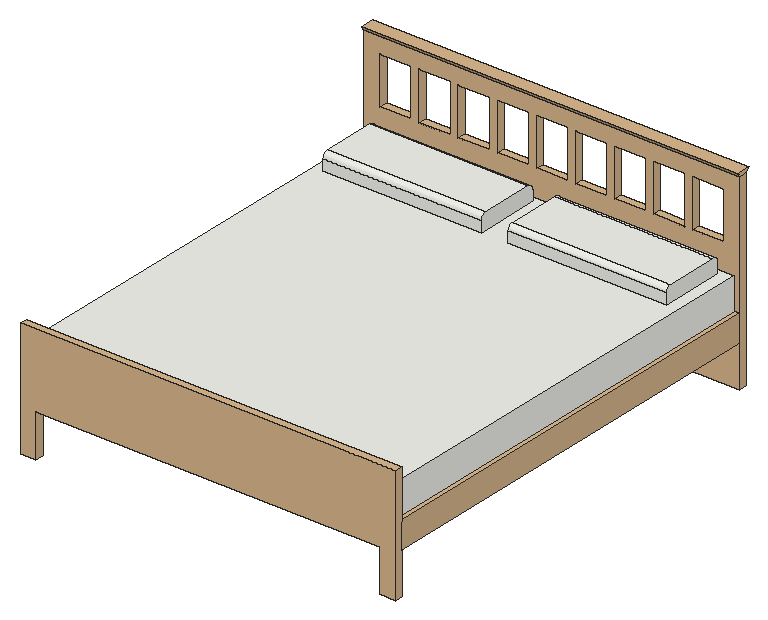
Revit family "Bed_King", category Furniture, Revit 2021
Family settings
  Work Plane-Based = No
  Always vertical = Yes
  Cut with Voids When Loaded = No
  Shared = No
  Room Calculation Point = No
Parameters (values of type "1981 x 2108 mm - King")
  Frame = Wood - Birch
  Length = 2100.00 mm
  Mattress = Textile - White
  Width = 1800.00 mm
  Default Elevation = 0.00 mm
Types (3, lengths in mm): name | Width
  1981 x 2108 mm - King | 1800.00
  1981 x 2108 mm - King 3 | 1200.00
  1981 x 2108 mm - King 2 | 1600.00
Reference planes
  plane 1 "Back": y = 0
  plane 2: z = 0
  plane 3 "Center L/R": x = -19.05
  plane 4: x = -919.05
  plane 5: x = 880.95
  plane 6 "Front": y = -2100
  plane 7: z = 914.4
  plane 8: z = 482.6
  plane 9: x = 842.85
Forms (mm)
  Extrusion 1, solid, material "Wood - Birch" <- "Frame"
    sketch origin (0, 0, 0) x (1, 0, 0) y (0, 0, 1)
      loop
        line (-918.837, 914.4) -> (-918.837, 0) -> (-842.85, 0) -> (-842.85, 203.2) -> (-75.663, 203.2) -> (-75.663, 0) -> (881.217, 0) -> (881.217, 914.4) -> (-918.837, 914.4)
      loop
        line (-842.85, 838.2) -> (-842.85, 609.6) -> (-693.65, 609.6) -> (-693.65, 838.2) -> (-842.85, 838.2)
      loop
        line (-655.55, 838.2) -> (-655.55, 609.6) -> (-506.35, 609.6) -> (-506.35, 838.2) -> (-655.55, 838.2)
      loop
        line (-468.25, 838.2) -> (-468.25, 609.6) -> (-319.05, 609.6) -> (-319.05, 838.2) -> (-468.25, 838.2)
      loop
        line (-280.95, 838.2) -> (-280.95, 609.6) -> (-131.75, 609.6) -> (-131.75, 838.2) -> (-280.95, 838.2)
      loop
        line (93.65, 838.2) -> (93.65, 609.6) -> (242.85, 609.6) -> (242.85, 838.2) -> (93.65, 838.2)
      loop
        line (280.95, 838.2) -> (280.95, 609.6) -> (430.15, 609.6) -> (430.15, 838.2) -> (280.95, 838.2)
      loop
        line (468.25, 838.2) -> (468.25, 609.6) -> (617.45, 609.6) -> (617.45, 838.2) -> (468.25, 838.2)
      loop
        line (655.55, 838.2) -> (655.55, 609.6) -> (804.75, 609.6) -> (804.75, 838.2) -> (655.55, 838.2)
      loop
        line (-93.65, 838.2) -> (-93.65, 609.6) -> (55.55, 609.6) -> (55.55, 838.2) -> (-93.65, 838.2)
    from 0 to 38.1
  Extrusion 2, solid, material "Wood - Birch" <- "Frame"
    sketch origin (0, -2100, 0) x (1, 0, 0) y (0, 0, 1)
      loop
        line (-919.05, 0) -> (-842.85, 0) -> (-842.85, 203.2) -> (804.75, 203.2) -> (804.75, 0) -> (880.95, 0) -> (880.95, 558.8) -> (-919.05, 558.8) -> (-919.05, 0)
    from 0 to -38.1
  Extrusion 3, solid, material "Wood - Birch" <- "Frame"
    sketch origin (0, 0, 0) x (0, -1, 0) y (0, 0, 1)
      loop
        line (38.1, 203.576) -> (2061.9, 203.576) -> (2061.9, 330.576) -> (38.1, 330.576) -> (38.1, 203.576)
    from 893.65 to 919.05
  Extrusion 4, solid, material "Wood - Birch" <- "Frame"
    sketch origin (880.95, 0, 0) x (0, -1, 0) y (0, 0, 1)
      loop
        line (2061.9, 203.099) -> (2061.9, 330.099) -> (38.1, 330.099) -> (38.1, 203.099) -> (2061.9, 203.099)
    from 0 to 25.4
  Extrusion 5, solid, material "Textile - White" <- "Mattress"
    sketch origin (0, 0, 0) x (1, 0, 0) y (0, 1, 0)
      loop
        line (-893.65, -38.1) -> (-893.65, -2061.9) -> (855.55, -2061.9) -> (855.55, -38.1) -> (-893.65, -38.1)
    from 228.6 to 482.6
  Sweep 6, solid, material "Wood - Birch" <- "Frame"
    path origin (0, 0, 0) x (1, 0, 0) y (0, 1, 0)
      loop
        line (-918.837, 0) -> (881.217, 0)
    profile origin (-18.81, 0, 0) x (0, 1, 0) y (0, 0, 1)
      loop
        line (0, 914.4) -> (13.855, 933.45) -> (-51.955, 933.45) -> (-38.1, 914.4) -> (0, 914.4)
  Extrusion 7, solid, material "Textile - White" <- "Mattress"
    sketch origin (-919.05, -5.751, 4.2) x (0, -1, 0) y (0, 0, 1)
      loop
        line (68.449, 482.6) -> (373.249, 482.6) -> (373.249, 533.4)
        arc (373.249, 533.4) -> (365.809, 551.361) -> (347.849, 558.8) r 25.4
        line (347.849, 558.8) -> (93.849, 558.8)
        arc (93.849, 558.8) -> (75.888, 551.361) -> (68.449, 533.4) r 25.4
        line (68.449, 533.4) -> (68.449, 482.6)
    from -834.92 to -76.2
  Extrusion 8, solid, material "Textile - White" <- "Mattress"
    sketch origin (-32.037, -5.751, 4.2) x (0, -1, 0) y (0, 0, 1)
      loop
        line (68.449, 482.6) -> (373.249, 482.6) -> (373.249, 533.4)
        arc (373.249, 533.4) -> (365.809, 551.361) -> (347.849, 558.8) r 25.4
        line (347.849, 558.8) -> (93.849, 558.8)
        arc (93.849, 558.8) -> (75.888, 551.361) -> (68.449, 533.4) r 25.4
        line (68.449, 533.4) -> (68.449, 482.6)
    from -834.92 to -76.2
Lines and regions (mm)
  symbolic lines
    curve 1: line (880.95, -2100, 0) -> (-918.837, -2100, 0)
    curve 2: line (880.95, 0, 0) -> (880.95, -2100, 0)
    curve 3: line (-918.837, 0, 0) -> (880.95, 0, 0)
    curve 4: line (-918.837, -2100, 0) -> (-918.837, 0, 0)
    curve 5: line (880.95, -2061.9, 0) -> (-918.837, -2061.9, 0)
    curve 6: line (880.95, -51.955, 0) -> (-918.837, -51.955, 0)
Dimensions and locks
  equal spacing: plane 4, plane 3 "Center L/R", plane 5
  "Width": plane 4 to plane 5
  "Length": plane 6 "Front" to plane 1 "Back"
  locked: Extrusion 1 sketch curve to Extrusion 1 sketch curve at 75.987
  locked: Extrusion 1 sketch curve to Extrusion 1 sketch curve at 38.1  (x8)
  plane 2 to plane 7 = 914.40 mm
  Extrusion 1 to plane 1 "Back" = 38.10 mm
  locked: Extrusion 3 to plane 4 at 25.4  (x2)
  locked: plane 6 "Front" to Extrusion 3 sketch curve at 38.1
  locked: Extrusion 3 sketch curve to plane 1 "Back" at 38.1
  locked: plane 6 "Front" to Extrusion 4 sketch curve at 38.1
  locked: Extrusion 4 sketch curve to plane 1 "Back" at 38.1
  locked: Extrusion 4 to Extrusion 4 at 25.4
  locked: Extrusion 4 to plane 5 at 25.4
  locked: Extrusion 5 sketch curve to Extrusion 1 at 38.1
  locked: plane 6 "Front" to Extrusion 5 sketch curve at 38.1
  equal spacing: Extrusion 1 sketch curve, plane 3 "Center L/R", Extrusion 1 sketch curve
  equal spacing: plane 9, Extrusion 1 sketch curve, Extrusion 1 sketch curve, Extrusion 1 sketch curve, Extrusion 1 sketch curve, Extrusion 1 sketch curve, Extrusion 1 sketch curve, Extrusion 1 sketch curve, Extrusion 1 sketch curve, Extrusion 1 sketch curve
  locked: plane 9 to plane 5 at 38.1
  locked: plane 5 to Extrusion 1 sketch curve at 76.2
  aligned and locked: plane 7 to Extrusion 1 sketch curve
  aligned and locked: plane 4 to Extrusion 2 sketch curve
  aligned and locked: Extrusion 2 sketch curve to plane 5
  aligned and locked: plane 4 to Extrusion 3
  aligned and locked: Sweep 6 sketch curve to Extrusion 1  (x3)
Automatic sketch dimensions
  Extrusion 1 sketch curve to level = 0.00 mm  (x2)
  Extrusion 1 sketch curve to plane 4 = 76.20 mm
  plane 5 to Extrusion 1 sketch curve = 956.613 mm
  level to Extrusion 1 sketch curve = 203.20 mm
  level to Extrusion 1 sketch curve = 609.60 mm
  Extrusion 1 sketch curve to Extrusion 1 sketch curve = 0.00 mm  (x12)
  Extrusion 1 sketch curve to Extrusion 1 sketch curve = 304.80 mm  (x2)
  plane 7 to Extrusion 1 sketch curve = 76.20 mm  (x3)
  Extrusion 1 sketch curve to plane 5 = 0.267 mm
  Extrusion 2 sketch curve to level = 0.00 mm  (x2)
  Extrusion 2 sketch curve to plane 4 = 76.20 mm
  Extrusion 2 sketch curve to Extrusion 2 sketch curve = 76.20 mm
  level to Extrusion 2 sketch curve = 203.20 mm
  Extrusion 2 sketch curve to Extrusion 2 sketch curve = 355.60 mm
  level to Extrusion 3 sketch curve = 203.576 mm
  Extrusion 3 sketch curve to Extrusion 3 sketch curve = 127.00 mm
  level to Extrusion 4 sketch curve = 203.099 mm
  Extrusion 4 sketch curve to Extrusion 4 sketch curve = 127.00 mm
  Extrusion 5 sketch curve to plane 4 = 25.40 mm
  plane 5 to Extrusion 5 sketch curve = 25.40 mm
  Sweep 6 sketch curve to profile plane = 0.00 mm
  profile plane to Sweep 6 sketch curve = 38.10 mm
  Sweep 6 sketch curve to Sweep 6 sketch curve = 13.855 mm
  Sweep 6 sketch curve to profile plane = 13.855 mm
  level to Sweep 6 sketch curve = 914.40 mm
  Sweep 6 sketch curve to Sweep 6 sketch curve = 19.05 mm
  curve 1 to plane 6 "Front" = 0.00 mm
  curve 3 to plane 1 "Back" = 0.00 mm
  curve 2 to plane 5 = 0.00 mm
  curve 4 to plane 4 = 0.213 mm
  curve 5 to plane 6 "Front" = 38.10 mm
  curve 6 to curve 3 = 51.955 mm
  Extrusion 7 sketch curve to plane 6 "Front" = 2025.80 mm
  Extrusion 7 sketch curve to Extrusion 7 sketch curve = 25.40 mm  (x2)
  Extrusion 7 sketch curve to plane 6 "Front" = 1746.40 mm
  plane 7 to Extrusion 7 sketch curve = 427.60 mm
  Extrusion 7 sketch curve to Extrusion 7 sketch curve = 50.80 mm
  Extrusion 8 sketch curve to plane 6 "Front" = 2025.80 mm
  Extrusion 8 sketch curve to Extrusion 8 sketch curve = 25.40 mm  (x2)
  Extrusion 8 sketch curve to plane 6 "Front" = 1746.40 mm
  plane 7 to Extrusion 8 sketch curve = 427.60 mm
  Extrusion 8 sketch curve to Extrusion 8 sketch curve = 50.80 mm
